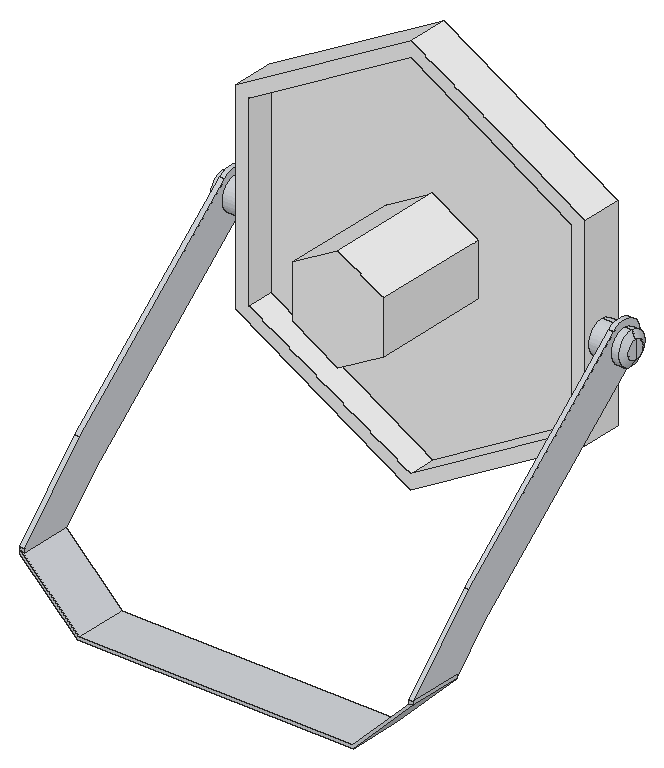
Revit family "Lighting-Proiezione-GEWISS-ESALITE-FL-PROIETTORI-LED_12K_DALI", category Apparecchi per illuminazione, host Superficie, Revit 2019 (continued)
Types (12, lengths in mm): name | Versioni | Temperatura di colore: | Scheda Tecnica | Ottica | built-in parameter 1150142 | Modello | Lumen output (lm) | IDT | Flusso nominale (lm) | File diagramma fotometrico | Descrizione
  GWS6423GD30K - ESALITE 12K 60° 3000K PRO+V GR.DALI | "Luce calda 3000K" | "3000 K (CRI>80)" | "https://www.gewiss.com/it/it/search?q=GWS6423GD30K" | "60°" | "IESNA:LM-63-2002\r\n[TEST] GWS6423GD30K\r\n[TESTLAB] GEWISS\r\n[TESTDATE] 31 Aug 2018\r\n[ISSUEDATE] 31 Aug 2018\r\n[MANUFAC] GEWISS\r\n[LUMCAT] GWS6423GD30K\r\n[LUMINAIRE] ESALITE FL 12K+GLAS 60° GR. DALI LED830\r\n[FLASHAREA] 0.030706\r\n[LAMPCAT] LED 112W/3000K - 11100lm\r\n[LAMP] LED 112W/3000K - 11100lm\r\nTILT=NONE\r\n1 11100.00 1.0 39 19 1 2 -0.402 -0.402 0.000\r\n1.00 1.00 112.00\r\n0.00 1.00 2.00 3.00 4.00 5.00 6.00 7.00 8.00 9.00 10.00 \r\n11.00 12.00 13.00 14.00 15.00 16.00 17.00 18.00 19.00 \r\n20.00 22.50 25.00 27.50 30.00 32.50 35.00 37.50 40.00 \r\n45.00 50.00 55.00 60.00 65.00 70.00 75.00 80.00 85.00 \r\n90.00 \r\n0.00 5.00 10.00 15.00 20.00 25.00 30.00 35.00 40.00 45.00 \r\n50.00 55.00 60.00 65.00 70.00 75.00 80.00 85.00 90.00 \r\n8018.53 8007.76 7978.79 7947.49 7946.38 7996.11 8102.67 \r\n8245.30 8398.93 8576.64 8761.56 8954.92 9139.74 9339.21 \r\n9537.34 9751.24 9979.68 10223.88 10504.26 10794.19 \r\n11044.17 10790.09 8519.25 5176.60 3342.54 2126.87 1281.94 \r\n1147.63 1112.44 1026.93 895.06 824.11 746.97 671.54 \r\n581.35 610.86 435.31 99.65 2.80 \r\n8018.53 8009.09 7980.35 7949.93 7947.05 7998.10 8105.55 \r\n8247.74 8401.81 8582.41 8769.33 8963.58 9147.51 9345.31 \r\n9544.22 9758.79 9990.22 10235.98 10516.47 10807.74 \r\n11058.04 10794.53 8502.93 5152.62 3332.33 2113.88 1272.84 \r\n1139.53 1103.17 1004.02 876.91 817.69 742.20 666.30 \r\n577.26 606.94 438.07 101.04 2.78 \r\n8018.53 8008.43 7980.79 7949.60 7948.49 7998.88 8105.11 \r\n8247.97 8404.48 8582.08 8771.66 8964.80 9149.62 9347.64 \r\n9547.33 9762.12 9993.11 10240.30 10519.91 10813.18 \r\n11066.37 10810.51 8522.25 5169.94 3338.88 2124.65 1274.95 \r\n1141.08 1105.33 1002.51 874.61 817.68 742.80 666.73 \r\n576.61 602.84 441.56 91.10 2.77 \r\n8018.53 8007.10 7981.01 7948.15 7946.38 7996.22 8100.67 \r\n8243.86 8399.92 8579.63 8767.78 8961.36 9145.29 9341.87 \r\n9541.00 9753.46 9985.34 10231.09 10510.92 10804.74 \r\n11059.60 10807.40 8515.36 5167.27 3342.76 2133.09 1280.72 \r\n1147.07 1112.66 1010.99 883.70 824.15 748.71 670.46 \r\n576.13 588.60 420.07 92.84 2.78 \r\n8018.53 8008.32 7981.90 7950.60 7949.26 8000.21 8105.77 \r\n8250.30 8406.92 8587.63 8777.21 8968.13 9151.84 9348.09 \r\n9546.78 9758.56 9989.67 10235.75 10515.36 10813.18 \r\n11072.58 10814.84 8504.04 5159.61 3342.99 2129.76 1274.72 \r\n1141.86 1111.89 1037.51 899.57 830.48 741.66 667.07 \r\n571.58 566.17 367.70 80.75 2.69 \r\n8018.53 8005.99 7978.79 7947.38 7944.49 7994.89 8098.67 \r\n8241.75 8399.81 8579.75 8768.11 8958.25 9141.74 9336.65 \r\n9534.68 9744.80 9974.90 10221.99 10504.15 10805.07 \r\n11066.92 10818.95 8511.70 5172.27 3352.87 2138.97 1282.49 \r\n1148.96 1121.54 1059.01 913.44 837.12 743.30 671.45 \r\n570.97 559.90 356.61 63.39 2.67 \r\n8018.53 8008.87 7981.12 7950.26 7947.27 7997.22 8102.67 \r\n8245.52 8404.14 8585.07 8773.22 8963.92 9147.29 9340.87 \r\n9536.34 9745.02 9975.46 10225.76 10508.59 10809.62 \r\n11072.80 10818.50 8499.82 5165.94 3347.20 2135.31 1278.94 \r\n1146.19 1117.88 1038.25 901.43 832.44 740.71 668.64 \r\n568.23 558.67 362.70 62.35 2.57 \r\n8018.53 8009.65 7983.12 7951.82 7948.38 7999.44 8106.11 \r\n8251.52 8410.80 8592.95 8780.43 8972.13 9154.17 9345.87 \r\n9541.23 9748.69 9980.45 10229.09 10515.14 10816.84 \r\n11080.13 10825.72 8499.27 5169.05 3351.42 2133.64 1278.39 \r\n1147.30 1121.77 1060.94 915.12 835.40 741.55 671.04 \r\n570.31 561.97 362.23 62.68 2.53 \r\n8018.53 8008.87 7980.57 7949.15 7944.94 7996.77 8104.78 \r\n8249.52 8412.47 8593.40 8782.88 8975.35 9156.28 9345.76 \r\n9538.78 9745.13 9976.13 10227.65 10512.48 10817.73 \r\n11085.68 10833.60 8505.49 5175.38 3358.42 2130.64 1274.39 \r\n1143.86 1116.88 1043.04 904.11 831.71 741.34 669.25 \r\n574.05 569.16 376.37 76.68 2.39 \r\n8018.53 8011.43 7983.23 7952.04 7947.93 7999.33 8106.55 \r\n8255.18 8418.80 8600.39 8790.98 8981.56 9161.27 9349.97 \r\n9540.56 9744.36 9975.24 10225.32 10510.26 10813.84 \r\n11080.35 10825.83 8488.50 5161.06 3357.86 2128.31 1270.73 \r\n1141.19 1109.81 1006.97 879.48 816.72 740.94 667.20 \r\n576.80 591.54 414.27 91.71 2.27 \r\n8018.53 8011.31 7984.67 7951.37 7948.27 7999.66 8109.88 \r\n8259.40 8424.01 8609.94 8803.08 8993.22 9173.71 9361.52 \r\n9551.00 9755.12 9987.00 10236.53 10522.91 10828.83 \r\n11095.89 10839.59 8493.05 5163.05 3369.85 2135.86 1276.83 \r\n1147.41 1114.88 1008.37 880.52 819.36 741.97 668.82 \r\n582.35 609.62 442.05 88.47 2.14 \r\n8018.53 8011.31 7981.79 7949.71 7945.60 7997.66 8107.88 \r\n8258.51 8424.79 8613.49 8806.30 8996.11 9177.48 9365.40 \r\n9555.21 9757.12 9988.11 10236.64 10522.58 10828.49 \r\n11096.11 10841.81 8498.27 5170.27 3376.84 2138.08 1276.17 \r\n1147.30 1114.99 1010.53 883.10 820.22 741.50 668.04 \r\n582.23 611.57 437.56 97.85 1.97 \r\n8018.53 8010.09 7981.79 7949.15 7943.60 7995.33 8106.00 \r\n8257.62 8425.68 8613.49 8807.41 8997.22 9177.92 9364.07 \r\n9553.22 9753.13 9981.45 10229.54 10516.25 10825.27 \r\n11095.23 10823.50 8473.41 5149.40 3375.18 2130.64 1271.73 \r\n1143.97 1113.88 1025.94 893.26 817.80 738.56 667.08 \r\n581.88 613.95 429.31 95.78 1.79 \r\n8018.53 8010.20 7983.01 7950.49 7945.16 8000.10 8111.21 \r\n8262.62 8432.78 8621.48 8815.73 9007.43 9187.80 9374.17 \r\n9563.54 9766.78 9994.77 10243.30 10532.12 10844.48 \r\n11116.65 10833.27 8482.62 5154.62 3384.39 2129.98 1269.84 \r\n1142.86 1111.11 1008.78 879.60 814.83 738.28 665.41 \r\n580.95 609.70 437.54 96.90 1.61 \r\n8018.53 8010.20 7982.56 7948.82 7944.71 7997.77 8107.55 \r\n8262.40 8431.67 8621.37 8817.73 9009.76 9189.80 9376.50 \r\n9563.76 9764.89 9992.55 10240.08 10530.35 10842.26 \r\n11116.65 10835.26 8484.51 5151.07 3387.50 2124.65 1262.85 \r\n1137.53 1105.38 1005.53 875.72 813.09 737.92 664.91 \r\n579.73 605.88 444.80 88.13 1.41 \r\n8018.53 8008.87 7981.79 7946.82 7942.60 7995.66 8107.77 \r\n8263.40 8433.34 8624.48 8819.73 9014.42 9195.24 9383.94 \r\n9571.97 9775.66 10003.54 10249.52 10544.89 10860.13 \r\n11134.41 10852.58 8504.15 5166.05 3403.70 2131.64 1260.63 \r\n1135.42 1102.47 1008.57 878.28 813.72 738.55 665.43 \r\n574.48 588.17 415.11 91.82 1.23 \r\n8018.53 8010.76 7982.45 7945.82 7942.83 7996.55 8108.55 \r\n8263.28 8434.22 8624.37 8818.73 9012.42 9191.80 9378.28 \r\n9565.42 9770.66 10001.10 10249.74 10542.78 10854.47 \r\n11125.53 10831.27 8484.95 5152.29 3406.81 2127.98 1254.63 \r\n1132.42 1104.44 1043.98 898.60 826.98 736.17 667.98 \r\n571.33 563.25 390.23 76.39 1.08 \r\n8018.53 8012.53 7984.12 7947.82 7945.38 7999.66 8109.66 \r\n8266.73 8437.00 8629.81 8823.72 9018.31 9196.57 9383.27 \r\n9571.86 9776.66 10005.65 10255.84 10548.33 10862.57 \r\n11133.30 10842.15 8496.27 5157.95 3412.14 2130.64 1256.19 \r\n1134.86 1108.79 1063.41 912.40 832.37 735.87 670.50 \r\n571.72 557.99 378.27 63.08 0.98 \r\n8018.53 8011.20 7983.12 7945.27 7942.72 7995.11 8107.33 \r\n8263.62 8435.78 8627.59 8821.84 9016.09 9193.13 9380.05 \r\n9568.20 9773.44 10003.10 10251.07 10544.22 10859.35 \r\n11131.08 10842.37 8513.03 5172.27 3419.02 2135.42 1261.74 \r\n1140.08 1113.33 1042.90 906.43 832.52 739.82 671.05 \r\n569.06 551.78 352.50 63.84 0.95 \r\n" | "GWS6423GD30K" | "11100" | "e54bb8db7f6148bb8b6b40bbaf769a9b" | "14000" | "GWS6423GD30K.IES" | "ESALITE 12K 60° 3000K PRO+V GR.DALI"
  GWS6423GD57K - ESALITE 12K 60° 5700K PRO+V GR.DALI | "Luce fredda 5700K" | "5700 K (CRI>80)" | "https://www.gewiss.com/it/it/search?q=GWS6423GD57K" | "60°" | "IESNA:LM-63-2002\r\n[TEST] GWS6423GD57K\r\n[TESTLAB] GEWISS\r\n[TESTDATE] 31 Aug 2018\r\n[ISSUEDATE] 31 Aug 2018\r\n[MANUFAC] GEWISS\r\n[LUMCAT] GWS6423GD57K\r\n[LUMINAIRE] ESALITE FL 12K+GLAS 60° GR. DALI LED857\r\n[FLASHAREA] 0.030706\r\n[LAMPCAT] LED 112W/5700K - 11900lm\r\n[LAMP] LED 112W/5700K - 11900lm\r\nTILT=NONE\r\n1 11900.00 1.0 39 19 1 2 -0.402 -0.402 0.000\r\n1.00 1.00 112.00\r\n0.00 1.00 2.00 3.00 4.00 5.00 6.00 7.00 8.00 9.00 10.00 \r\n11.00 12.00 13.00 14.00 15.00 16.00 17.00 18.00 19.00 \r\n20.00 22.50 25.00 27.50 30.00 32.50 35.00 37.50 40.00 \r\n45.00 50.00 55.00 60.00 65.00 70.00 75.00 80.00 85.00 \r\n90.00 \r\n0.00 5.00 10.00 15.00 20.00 25.00 30.00 35.00 40.00 45.00 \r\n50.00 55.00 60.00 65.00 70.00 75.00 80.00 85.00 90.00 \r\n8596.44 8584.90 8553.84 8520.28 8519.09 8572.40 8686.64 \r\n8839.56 9004.25 9194.77 9393.03 9600.33 9798.46 10012.30 \r\n10224.72 10454.03 10698.93 10960.73 11261.33 11572.16 \r\n11840.14 11567.75 9133.25 5549.68 3583.45 2280.16 1374.33 \r\n1230.34 1192.62 1100.94 959.57 883.50 800.81 719.94 \r\n623.25 654.88 466.68 106.83 3.00 \r\n8596.44 8586.33 8555.51 8522.90 8519.81 8574.55 8689.74 \r\n8842.18 9007.35 9200.96 9401.36 9609.61 9806.79 10018.85 \r\n10232.10 10462.12 10710.24 10973.70 11274.42 11586.67 \r\n11855.02 11572.51 9115.76 5523.98 3572.50 2266.24 1364.57 \r\n1221.65 1182.68 1076.38 940.11 876.63 795.69 714.32 \r\n618.86 650.68 469.65 108.32 2.98 \r\n8596.44 8585.61 8555.98 8522.54 8521.35 8575.38 8689.26 \r\n8842.41 9010.20 9200.60 9403.86 9610.92 9809.05 10021.35 \r\n10235.43 10465.69 10713.33 10978.34 11278.11 11592.50 \r\n11863.94 11589.65 9136.46 5542.54 3579.52 2277.78 1366.83 \r\n1223.32 1184.99 1074.76 937.65 876.61 796.34 714.79 \r\n618.17 646.29 473.38 97.67 2.97 \r\n8596.44 8584.18 8556.22 8520.99 8519.09 8572.52 8684.50 \r\n8838.01 9005.33 9197.99 9399.69 9607.23 9804.41 10015.16 \r\n10228.65 10456.41 10705.00 10968.47 11268.47 11583.46 \r\n11856.68 11586.32 9129.08 5539.69 3583.68 2286.82 1373.02 \r\n1229.75 1192.86 1083.85 947.39 883.55 802.67 718.78 \r\n617.66 631.02 450.34 99.53 2.98 \r\n8596.44 8585.49 8557.17 8523.61 8522.18 8576.81 8689.98 \r\n8844.91 9012.82 9206.55 9409.81 9614.49 9811.43 10021.82 \r\n10234.83 10461.89 10709.64 10973.47 11273.23 11592.50 \r\n11870.61 11594.29 9116.95 5531.48 3583.92 2283.25 1366.60 \r\n1224.15 1192.02 1112.28 964.40 890.33 795.11 715.14 \r\n612.78 606.97 394.20 86.57 2.89 \r\n8596.44 8582.99 8553.84 8520.16 8517.07 8571.09 8682.36 \r\n8835.75 9005.21 9198.11 9400.05 9603.90 9800.60 10009.57 \r\n10221.86 10447.13 10693.82 10958.71 11261.21 11583.82 \r\n11864.54 11598.69 9125.16 5545.04 3594.51 2293.13 1374.93 \r\n1231.77 1202.38 1135.33 979.27 897.45 796.87 719.84 \r\n612.12 600.25 382.31 67.96 2.86 \r\n8596.44 8586.09 8556.34 8523.26 8520.04 8573.59 8686.64 \r\n8839.80 9009.85 9203.82 9405.52 9609.96 9806.55 10014.09 \r\n10223.65 10447.37 10694.41 10962.76 11265.97 11588.70 \r\n11870.84 11598.22 9112.43 5538.26 3588.45 2289.20 1371.12 \r\n1228.79 1198.45 1113.08 966.40 892.44 794.10 716.83 \r\n609.18 598.94 388.84 66.84 2.76 \r\n8596.44 8586.92 8558.48 8524.92 8521.23 8575.97 8690.33 \r\n8846.22 9016.99 9212.27 9413.26 9618.77 9813.93 10019.44 \r\n10228.88 10451.29 10699.77 10966.33 11272.99 11596.43 \r\n11878.70 11605.95 9111.83 5541.59 3592.97 2287.42 1370.52 \r\n1229.98 1202.61 1137.40 981.07 895.61 794.99 719.40 \r\n611.41 602.47 388.33 67.20 2.71 \r\n8596.44 8586.09 8555.74 8522.07 8517.54 8573.12 8688.90 \r\n8844.08 9018.77 9212.74 9415.88 9622.22 9816.19 10019.32 \r\n10226.27 10447.49 10695.13 10964.78 11270.13 11597.38 \r\n11884.65 11614.40 9118.49 5548.38 3600.46 2284.20 1366.24 \r\n1226.30 1197.38 1118.22 969.27 891.66 794.77 717.49 \r\n615.42 610.18 403.49 82.20 2.57 \r\n8596.44 8588.83 8558.60 8525.16 8520.76 8575.85 8690.81 \r\n8850.15 9025.56 9220.24 9424.56 9628.89 9821.55 10023.85 \r\n10228.17 10446.65 10694.17 10962.28 11267.75 11593.22 \r\n11878.94 11606.07 9100.29 5533.02 3599.87 2281.71 1362.31 \r\n1223.44 1189.80 1079.54 942.86 875.58 794.34 715.29 \r\n618.37 634.17 444.13 98.32 2.43 \r\n8596.44 8588.71 8560.15 8524.45 8521.11 8576.21 8694.38 \r\n8854.67 9031.15 9230.47 9437.53 9641.38 9834.87 10036.22 \r\n10239.36 10458.20 10706.79 10974.30 11281.32 11609.28 \r\n11895.60 11620.83 9105.17 5535.17 3612.72 2289.80 1368.86 \r\n1230.10 1195.24 1081.04 943.98 878.41 795.44 717.02 \r\n624.32 653.56 473.91 94.84 2.30 \r\n8596.44 8588.71 8557.05 8522.66 8518.26 8574.07 8692.24 \r\n8853.72 9031.98 9234.28 9440.98 9644.47 9838.92 10040.39 \r\n10243.88 10460.34 10707.98 10974.42 11280.96 11608.93 \r\n11895.84 11623.21 9110.76 5542.90 3620.22 2292.18 1368.14 \r\n1229.98 1195.36 1083.36 946.75 879.34 794.94 716.19 \r\n624.19 655.64 469.10 104.90 2.12 \r\n8596.44 8587.40 8557.05 8522.07 8516.12 8571.57 8690.21 \r\n8852.77 9032.93 9234.28 9442.17 9645.66 9839.40 10038.96 \r\n10241.74 10456.05 10700.84 10966.80 11274.18 11605.48 \r\n11894.88 11603.57 9084.10 5520.53 3618.43 2284.20 1363.38 \r\n1226.41 1194.16 1099.88 957.64 876.74 791.79 715.15 \r\n623.82 658.20 460.26 102.68 1.92 \r\n8596.44 8587.52 8558.36 8523.49 8517.78 8576.69 8695.81 \r\n8858.12 9040.55 9242.85 9451.10 9656.61 9849.99 10049.79 \r\n10252.80 10470.69 10715.12 10981.56 11291.20 11626.06 \r\n11917.85 11614.04 9093.98 5526.12 3628.31 2283.49 1361.36 \r\n1225.22 1191.19 1081.48 942.99 873.56 791.49 713.37 \r\n622.82 653.64 469.07 103.88 1.73 \r\n8596.44 8587.52 8557.89 8521.71 8517.31 8574.19 8691.88 \r\n8857.88 9039.36 9242.73 9453.24 9659.11 9852.13 10052.29 \r\n10253.04 10468.67 10712.74 10978.11 11289.29 11623.68 \r\n11917.85 11616.18 9096.00 5522.31 3631.64 2277.78 1353.86 \r\n1219.51 1185.05 1078.00 938.84 871.69 791.10 712.83 \r\n621.51 649.55 476.86 94.48 1.52 \r\n8596.44 8586.09 8557.05 8519.57 8515.05 8571.93 8692.12 \r\n8858.95 9041.14 9246.06 9455.38 9664.11 9857.96 10060.26 \r\n10261.85 10480.21 10724.52 10988.22 11304.88 11642.84 \r\n11936.89 11634.75 9117.07 5538.38 3649.02 2285.28 1351.48 \r\n1217.25 1181.93 1081.26 941.58 872.37 791.78 713.39 \r\n615.88 630.56 445.02 98.43 1.32 \r\n8596.44 8588.11 8557.77 8518.50 8515.28 8572.88 8692.95 \r\n8858.84 9042.10 9245.94 9454.31 9661.97 9854.27 10054.19 \r\n10254.83 10474.86 10721.90 10988.46 11302.62 11636.77 \r\n11927.37 11611.90 9096.48 5523.62 3652.35 2281.35 1345.06 \r\n1214.04 1184.04 1119.22 963.36 886.59 789.23 716.12 \r\n612.50 603.84 418.36 81.90 1.16 \r\n8596.44 8590.02 8559.55 8520.64 8518.02 8576.21 8694.14 \r\n8862.52 9045.07 9251.77 9459.67 9668.27 9859.39 10059.55 \r\n10261.73 10481.28 10726.78 10995.01 11308.57 11645.46 \r\n11935.70 11623.56 9108.62 5529.69 3658.06 2284.20 1346.72 \r\n1216.66 1188.70 1140.06 978.16 892.36 788.91 718.82 \r\n612.92 598.20 405.53 67.62 1.05 \r\n8596.44 8588.59 8558.48 8517.90 8515.16 8571.33 8691.64 \r\n8859.19 9043.76 9249.39 9457.64 9665.89 9855.70 10056.09 \r\n10257.80 10477.83 10724.04 10989.89 11304.17 11642.01 \r\n11933.32 11623.80 9126.59 5545.04 3665.44 2289.32 1352.67 \r\n1222.25 1193.57 1118.06 971.75 892.52 793.14 719.41 \r\n610.08 591.55 377.91 68.45 1.02 \r\n" | "GWS6423GD57K" | "11900" | "72afa88b942d42eeaee12b3424212cd3" | "15000" | "GWS6423GD57K.IES" | "ESALITE 12K 60° 5700K PRO+V GR.DALI"
  GWS6424GD - ESALITE 12K 90° 4000K PRO+V GR.DALI | "Luce naturale 4000K" | "4000 K (CRI>80)" | "https://www.gewiss.com/it/it/search?q=GWS6424GD" | "90°" | "IESNA:LM-63-2002\r\n[TEST] GWS6424GD\r\n[TESTLAB] GEWISS\r\n[TESTDATE] 31 Aug 2018\r\n[ISSUEDATE] 31 Aug 2018\r\n[MANUFAC] GEWISS\r\n[LUMCAT] GWS6424GD\r\n[LUMINAIRE] ESALITE FL 12K+GLAS 90° GR. DALI LED840\r\n[FLASHAREA] 0.030706\r\n[LAMPCAT] LED 112W/4000K - 12700lm\r\n[LAMP] LED 112W/4000K - 12700lm\r\nTILT=NONE\r\n1 12700.00 1.0 28 19 1 2 -0.402 -0.402 0.000\r\n1.00 1.00 112.00\r\n0.00 2.50 5.00 7.50 10.00 12.50 15.00 17.50 20.00 22.50 \r\n25.00 27.50 30.00 32.50 35.00 37.50 40.00 42.50 45.00 \r\n50.00 55.00 60.00 65.00 70.00 75.00 80.00 85.00 90.00 \r\n0.00 5.00 10.00 15.00 20.00 25.00 30.00 35.00 40.00 45.00 \r\n50.00 55.00 60.00 65.00 70.00 75.00 80.00 85.00 90.00 \r\n7335.01 7316.85 7318.50 7365.75 7459.73 7555.86 7547.74 \r\n7468.11 7369.05 7276.34 7169.40 7041.52 6874.51 6640.96 \r\n6327.77 5861.81 4719.70 2518.79 1098.78 622.40 661.91 \r\n543.50 465.99 365.90 247.29 124.37 39.99 0.76 \r\n7335.01 7319.64 7322.69 7375.65 7475.47 7567.04 7567.17 \r\n7486.02 7386.32 7291.70 7184.01 7049.13 6879.97 6641.34 \r\n6322.31 5850.13 4700.78 2502.66 1090.26 610.88 687.16 \r\n539.99 463.22 363.37 243.75 127.89 39.25 0.75 \r\n7335.01 7316.22 7316.98 7368.16 7472.55 7565.01 7564.37 \r\n7482.71 7386.19 7292.34 7188.07 7056.50 6884.16 6651.63 \r\n6334.89 5861.94 4720.34 2515.87 1091.63 608.43 605.40 \r\n536.33 461.58 360.97 237.57 123.73 37.46 0.74 \r\n7335.01 7315.45 7320.03 7368.54 7476.62 7567.04 7564.37 \r\n7481.82 7381.62 7287.89 7182.48 7055.99 6882.38 6651.12 \r\n6334.13 5860.41 4716.53 2518.16 1093.72 614.55 619.32 \r\n543.28 464.93 359.19 230.67 119.72 38.49 0.73 \r\n7335.01 7316.22 7319.90 7369.05 7484.49 7574.28 7571.99 \r\n7487.67 7382.51 7290.94 7187.82 7056.75 6885.56 6652.01 \r\n6335.39 5860.54 4714.49 2516.38 1088.59 632.45 1014.74 \r\n541.87 463.12 347.65 222.44 110.63 33.28 0.71 \r\n7335.01 7312.28 7313.42 7363.46 7482.59 7571.10 7566.15 \r\n7478.39 7379.59 7289.93 7186.55 7056.25 6884.67 6652.26 \r\n6340.60 5867.65 4726.05 2523.36 1092.83 649.87 984.45 \r\n548.68 466.45 338.52 219.02 99.61 30.00 0.70 \r\n7335.01 7312.15 7311.26 7368.29 7491.98 7581.52 7570.72 \r\n7482.97 7381.24 7288.78 7187.95 7055.10 6882.00 6648.20 \r\n6337.68 5863.84 4714.37 2511.68 1085.52 655.83 757.22 \r\n548.14 464.16 332.19 216.26 90.23 29.55 0.68 \r\n7335.01 7308.47 7304.66 7366.89 7497.06 7585.84 7577.33 \r\n7480.43 7381.11 7293.99 7191.76 7057.39 6881.11 6651.24 \r\n6343.40 5872.73 4723.64 2519.30 1088.91 657.66 888.06 \r\n549.27 467.06 338.92 219.62 100.47 29.81 0.66 \r\n7335.01 7307.71 7303.13 7368.29 7509.64 7598.92 7582.15 \r\n7485.00 7386.70 7300.60 7195.69 7062.72 6890.13 6662.67 \r\n6352.54 5882.77 4732.40 2521.71 1085.09 640.79 932.10 \r\n542.66 464.93 349.02 224.13 112.16 33.62 0.63 \r\n7335.01 7301.36 7297.04 7366.00 7510.91 7604.25 7582.03 \r\n7476.87 7376.16 7285.86 7182.48 7049.90 6873.88 6648.45 \r\n6341.11 5870.70 4724.78 2518.66 1080.22 611.02 606.72 \r\n539.95 462.46 357.99 229.54 118.65 38.36 0.61 \r\n7335.01 7302.88 7295.13 7371.21 7523.10 7623.94 7594.35 \r\n7484.24 7389.37 7302.25 7199.38 7067.68 6895.34 6674.61 \r\n6366.64 5891.02 4739.00 2521.97 1082.84 613.17 605.64 \r\n540.32 464.39 363.88 239.46 124.42 38.11 0.60 \r\n7335.01 7299.20 7292.72 7375.14 7531.35 7631.18 7595.87 \r\n7481.57 7381.62 7293.36 7195.31 7063.99 6884.42 6662.93 \r\n6355.21 5884.16 4736.46 2523.87 1083.08 613.84 667.09 \r\n542.70 464.50 365.39 245.20 127.72 39.85 0.59 \r\n7335.01 7296.66 7295.13 7385.30 7546.72 7642.61 7600.44 \r\n7480.81 7382.51 7299.96 7200.39 7065.90 6887.08 6662.04 \r\n6350.64 5876.67 4721.48 2508.63 1076.16 616.83 662.84 \r\n541.64 463.80 365.24 247.74 123.67 40.12 0.58 \r\n7335.01 7291.45 7290.94 7384.92 7549.77 7644.64 7597.52 \r\n7473.82 7378.70 7296.66 7197.60 7062.72 6888.73 6665.98 \r\n6355.71 5883.91 4729.23 2514.60 1075.16 610.92 689.69 \r\n540.75 463.08 364.17 244.81 128.46 39.44 0.57 \r\n7335.01 7287.64 7291.32 7394.96 7558.66 7655.81 7598.28 \r\n7474.20 7380.60 7297.42 7199.25 7066.53 6889.62 6662.04 \r\n6351.27 5880.48 4729.23 2517.39 1073.61 607.57 601.40 \r\n536.77 461.09 361.40 238.32 123.83 37.73 0.59 \r\n7335.01 7290.05 7289.93 7397.88 7562.85 7663.43 7600.44 \r\n7478.65 7388.61 7307.07 7211.31 7077.71 6902.45 6675.75 \r\n6366.38 5891.53 4736.72 2527.43 1077.18 610.41 628.50 \r\n539.71 461.85 357.48 229.98 119.47 38.48 0.59 \r\n7335.01 7286.37 7289.16 7399.65 7568.31 7662.16 7596.50 \r\n7469.38 7377.30 7296.78 7202.04 7065.14 6891.27 6664.71 \r\n6355.21 5880.86 4722.49 2521.59 1076.95 631.23 1176.25 \r\n540.70 463.12 347.54 223.23 111.44 33.91 0.60 \r\n7335.01 7286.24 7286.75 7403.34 7572.12 7669.15 7600.82 \r\n7470.52 7380.60 7303.77 7204.07 7067.93 6892.67 6664.71 \r\n6359.91 5881.75 4727.45 2522.98 1079.30 643.65 1080.24 \r\n547.90 464.72 336.79 218.74 99.52 30.03 0.61 \r\n7335.01 7291.32 7291.32 7405.24 7576.06 7670.16 7594.73 \r\n7468.87 7377.43 7297.93 7194.68 7056.88 6879.46 6648.96 \r\n6349.62 5876.80 4729.86 2533.78 1087.44 657.48 749.76 \r\n551.79 468.21 333.91 218.67 90.86 30.32 0.61 \r\n" | "GWS6424GD" | "12700" | "95551d187bff4046923e5b1318b82e94" | "15000" | "GWS6424GD.IES" | "ESALITE 12K 90° 4000K PRO+V GR.DALI"
